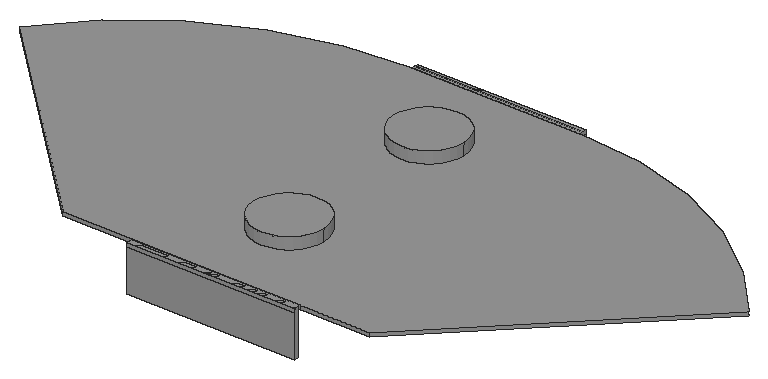
Revit family "Deckel für Bogen variabel Magic", category Generic Models, Revit 2015
Parameters (values of type "DFBMV 100 FS")
  Width/2 = 44 mm
  Width 2 = 88 mm
  Width 1 = 24 mm
  Width = 48 mm
  URL = "http://www.obo-bettermann.com"
  Radius = 100 mm
  Material = Strip-galvanised
  Manufacturer Art.No. = "6040760"
  Manufacturer = "OBO Bettermann"
  Length 1 = 2 mm
  Length = 1 mm
  Height 1 = 60 mm
  Height = 100 mm
  GTIN = "4012196040544"
  Article Type = "DFBMV 100 FS"
Types (14, lengths in mm): name | Radius | Material | Manufacturer Art.No. | Length 1 | Length | Height 1 | Height | GTIN | Article Type
  (no name) | 100 | Strip-galvanised | "6040760" | 2 | 1 | 60 | 100 | "4012196040544" | "DFBMV 100 FS"
  DFBMV 100 FS | 100 | Strip-galvanised | "6040760" | 2 | 1 | 60 | 100 | "4012196040544" | "DFBMV 100 FS"
  DFBMV 150 FS | 150 | Strip-galvanised | "6040762" | 2 | 1 | 95.6 | 150 | "4012196040551" | "DFBMV 150 FS"
  DFBMV 200 FS | 200 | Strip-galvanised | "6040764" | 2 | 1 | 131.1 | 200 | "4012196040599" | "DFBMV 200 FS"
  DFBMV 300 FS | 300 | Strip-galvanised | "6040766" | 2 | 1 | 201.9 | 300 | "4012196040605" | "DFBMV 300 FS"
  DFBMV 400 FS | 400 | Strip-galvanised | "6040768" | 2.3 | 1.3 | 272.7 | 400 | "4012196040629" | "DFBMV 400 FS"
  DFBMV 500 FS | 500 | Strip-galvanised | "6040770" | 2.3 | 1.3 | 343.4 | 500 | "4012196040674" | "DFBMV 500 FS"
  DFBMV 600 FS | 600 | Strip-galvanised | "6040772" | 2.3 | 1.3 | 414.2 | 600 | "4012196040711" | "DFBMV 600 FS"
  DFBMV 100 DD | 100 | Strip galvanised zinc/aluminium, Double Dip | "6040780" | 2 | 1 | 60 | 100 | "4012196040728" | "DFBMV 100 DD"
  DFBMV 200 DD | 200 | Strip galvanised zinc/aluminium, Double Dip | "6040784" | 2 | 1 | 131.1 | 200 | "4012196040797" | "DFBMV 200 DD"
  DFBMV 300 DD | 300 | Strip galvanised zinc/aluminium, Double Dip | "6040786" | 2 | 1 | 201.9 | 300 | "4012196040834" | "DFBMV 300 DD"
  DFBMV 400 DD | 400 | Strip galvanised zinc/aluminium, Double Dip | "6040788" | 2.3 | 1.3 | 272.7 | 400 | "4012196040841" | "DFBMV 400 DD"
  DFBMV 500 DD | 500 | Strip galvanised zinc/aluminium, Double Dip | "6040790" | 2.3 | 1.3 | 343.4 | 500 | "4012196040865" | "DFBMV 500 DD"
  DFBMV 600 DD | 600 | Strip galvanised zinc/aluminium, Double Dip | "6040792" | 2.3 | 1.3 | 414.2 | 600 | "4012196040896" | "DFBMV 600 DD"
Reference planes
  plane 1 "Center (Front/Back)": y = 0
  plane 2: z = 0
  plane 3 "Center (Left/Right)": x = 0
  plane 4: y = 60
  plane 5: z = -1
  plane 6: z = -13
  plane 7: z = 3.3
Forms (mm)
  Extrusion 1, solid, material "Strip-galvanised" <- "Material"
    sketch origin (0, 0, 0) x (1, 0, 0) y (0, 1, 0)
      loop
        line (-44, 0) -> (44, 0) -> (104, 60)
        arc (104, 60) -> (68.721, 89.443) -> (24, 100) r 100
        line (24, 100) -> (-24, 100)
        arc (-24, 100) -> (-68.721, 89.443) -> (-104, 60) r 100
        line (-104, 60) -> (-44, 0)
    from -1 to 0
  Extrusion 2, solid, material "Strip-galvanised" <- "Material"
    sketch origin (0, 0, 0) x (1, 0, 0) y (0, 1, 0)
      loop
        line (-24, 100) -> (24, 100) -> (24, 102) -> (-24, 102) -> (-24, 100)
      loop
        line (-24, 0) -> (-24, -2) -> (24, -2) -> (24, 0) -> (-24, 0)
    from -1 to 0
  Extrusion 3, solid, material "Strip-galvanised" <- "Material"
    sketch origin (0, 0, 0) x (1, 0, 0) y (0, 1, 0)
      loop
        line (-24, 102) -> (-24, 101) -> (24, 101) -> (24, 102) -> (-24, 102)
      loop
        line (-24, -2) -> (24, -2) -> (24, -1) -> (-24, -1) -> (-24, -2)
    from -13 to 0
  Extrusion 4, solid, material "Strip-galvanised" <- "Material"
    sketch origin (0, 0, 0) x (1, 0, 0) y (0, 1, 0)
      loop
        circle (0, 76) r 10
      loop
        circle (0, 26) r 10
    from 0 to 3.3
Dimensions and locks
  "Width 2": Extrusion 1 sketch curve to Extrusion 1 sketch curve
  "Width/2": Extrusion 1 sketch curve to plane 3 "Center (Left/Right)"
  "Width": Extrusion 1 sketch curve to Extrusion 1 sketch curve
  "Width 1": Extrusion 1 sketch curve to plane 3 "Center (Left/Right)"
  "Height": Extrusion 1 sketch curve to Extrusion 1 sketch curve
  "Height 1": plane 4 to plane 1 "Center (Front/Back)"
  "Length": level to plane 5
  locked: Extrusion 2 sketch curve to Extrusion 2 sketch curve at 48
  locked: Extrusion 2 sketch curve to plane 3 "Center (Left/Right)" at 24
  "Length 1": Extrusion 2 sketch curve to Extrusion 1  (x2)
  "Length": Extrusion 2 to Extrusion 3 sketch curve
  "Length": Extrusion 3 sketch curve to Extrusion 2
  locked: Extrusion 1 to plane 6 at 13
  locked: Extrusion 4 sketch curve to Extrusion 2 at 24
  locked: Extrusion 1 to Extrusion 4 sketch curve at 26
  locked: plane 7 to Extrusion 1 at 3.3
  "Radius": radius of Extrusion 1 sketch curve  (x2)
  radius of Extrusion 4 sketch curve = 10 mm  (x2)
  locked: Extrusion 1 sketch curve to plane 3 "Center (Left/Right)" (angle 45.00°)
  locked: plane 3 "Center (Left/Right)" to Extrusion 1 sketch curve (angle 45.00°)
  aligned and locked: level to plane 2
  aligned and locked: plane 1 "Center (Front/Back)" to Extrusion 1 sketch curve
  aligned and locked: plane 4 to Extrusion 1 sketch curve  (x2)
  aligned and locked: Extrusion 1 to plane 5
  aligned and locked: level to Extrusion 1
  aligned and locked: Extrusion 2 sketch curve to Extrusion 1
  aligned and locked: plane 1 "Center (Front/Back)" to Extrusion 2 sketch curve
  aligned and locked: Extrusion 2 sketch curve to Extrusion 2 sketch curve  (x2)
  aligned and locked: Extrusion 1 to Extrusion 2
  aligned and locked: level to Extrusion 2
  aligned and locked: Extrusion 3 sketch curve to Extrusion 2  (x5)
  aligned and locked: Extrusion 2 to Extrusion 3 sketch curve
  aligned and locked: Extrusion 3 to plane 6
  aligned and locked: level to Extrusion 3
  aligned and locked: Extrusion 4 to level
  aligned and locked: plane 7 to Extrusion 4
Automatic sketch dimensions
  Extrusion 4 sketch curve to plane 3 "Center (Left/Right)" = 0 mm  (x2)
